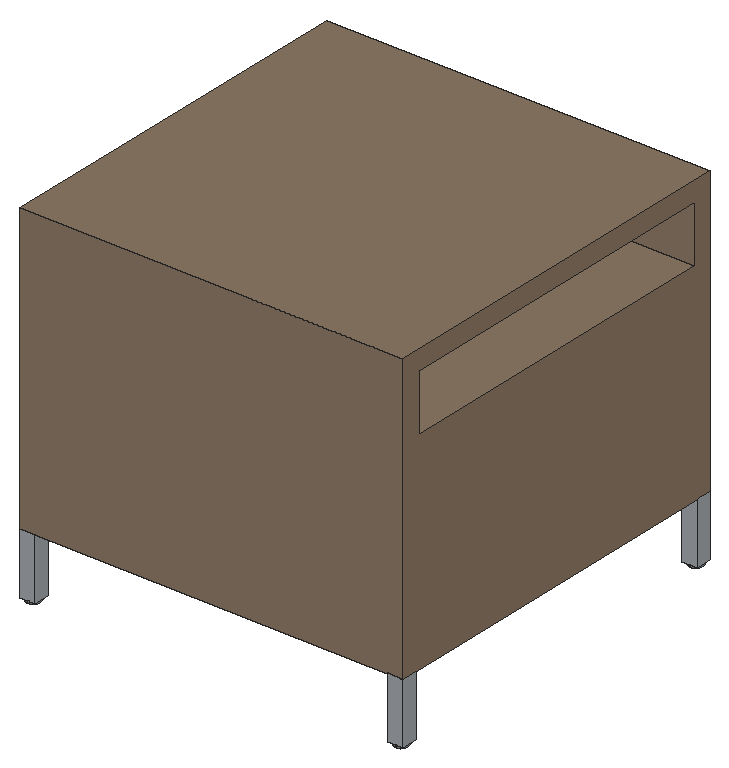
Revit family
Parameters
  URL = "http://www.martinbrattrud.com"
  Table [instance] = none
  SCS Certified Product = "Yes"
  Model = "Bristol 249-25SHS"
  Manufacturer = "Martin Brattrud, Inc."
  Keynote = "125000"
  Copyright = "© 2013 Martin Brattrud, Inc."
  Authoring Version = "Revit Architecture 2010"
  Assembly Code = "E2020200"
Reference planes (in)
  plane 1 "Center Front/Back": y = 0
  plane 2: z = 0
  plane 3 "Center Left/Right": x = 0
Forms (in)
  Extrusion 1, solid, material <- "Table"
    sketch origin (0, 0, 0) x (1, 0, 0) y (0, 1, 0)
      loop
        line (-12.5, 12.5) -> (-12.5, -12.5) -> (12.5, -12.5) -> (12.5, 12.5) -> (-12.5, 12.5)
    from 4.25 to 23
  Extrusion 2, void
    sketch origin (0, 0, 0) x (0, 1, 0) y (0, 0, 1)
      loop
        line (11.25, 18) -> (11.25, 21.75) -> (-11.25, 21.75) -> (-11.25, 18) -> (11.25, 18)
    from -12.5 to 12.5
Cuts and joins
  Extrusion 2 cuts Extrusion 1
Nested families (in)
  nested 1: "Bristol Leg" at (-12, 12, 0), type "Bristol Leg"
  nested 2: "Bristol Leg" at (12, 12, 0) x (-1, 0, 0) z (0, 0, 1), type "Bristol Leg"
  nested 3: "Bristol Leg" at (-12, -12, 0), type "Bristol Leg"
  nested 4: "Bristol Leg" at (12, -12, 0) x (-1, 0, 0) z (0, 0, 1), type "Bristol Leg"
Definition of nested family "Bristol Leg"
  Parameters
    URL = "http://www.martinbrattrud.com"
    SCS Certified Product = ""
    Model = ""
    Leg = none
    Manufacturer = "Martin Brattrud, Inc."
    Keynote = "125000"
    Copyright = "© 2013 Martin Brattrud, Inc."
    Authoring Version = "Revit Architecture 2010"
    Assembly Code = "E2020200"
  Reference planes (in)
    plane 1 "Center Front/Back": y = 0
    plane 2: z = 0
    plane 3 "Center Left/Right": x = 0
  Forms (in)
    Extrusion 1, solid, material <- "Leg"
      sketch origin (0, 0, 0) x (1, 0, 0) y (0, 1, 0)
        loop
          line (-0.5, 0.5) -> (-0.5, -0.5) -> (0.5, -0.5) -> (0.5, 0.5) -> (-0.5, 0.5)
      from 0.25 to 4.25
    Revolve 2, solid, material <- "Leg"
      sketch origin (0, 0, 0) x (0, 1, 0) y (0, 0, 1)
        loop
          line (0, 0) -> (0.25, 0)
          arc (0.25, 0) -> (0.42678, 0.07322) -> (0.5, 0.25) r 0.25
          line (0.5, 0.25) -> (0, 0.25) -> (0, 0)
        axis (0, 0.25) -> (0, 0)
      angle from 0 to 360
